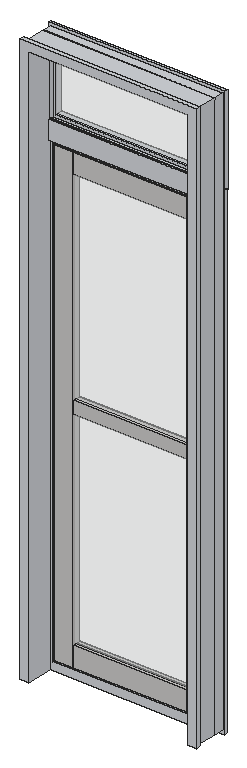
Revit family "APL Residential Thermal Heart Hinged Door with Overlight Open In", category Doors, host Wall, Revit 2017 (continued)
Definition of nested family "APL Residential Thermal Heart Hinged Door with Overlight Open In Vertical Section"
  Definition of nested family "Overlight Detail"
    Definition of nested family "Open In Head&Sill"
      Definition of nested family "65300_Open In Frame"
        Lines and regions (mm)
          model lines, in view "Ref. Level"
            curve 318: line (-2.1, -2.247, 0) -> (-2.1, -5.475, 0)
            curve 319: line (-2.1, -5.475, 0) -> (-2.294, -6.25, 0)
            curve 320: line (-2.1, -6.5, 0) -> (-1.579, -6.5, 0)
            curve 321: line (-1.579, -6.5, 0) -> (-0.169, -5.691, 0)
            curve 322: line (0.395, -5.5, 0) -> (0.645, -5.5, 0)
            curve 323: line (0.845, -5.7, 0) -> (0.845, -13.8, 0)
            curve 324: line (1.045, -14, 0) -> (3.668, -14, 0)
            curve 325: line (3.856, -14.268, 0) -> (3.163, -16.171, 0)
            curve 326: line (2.694, -16.5, 0) -> (2.255, -16.5, 0)
            curve 327: line (1.691, -16.309, 0) -> (0.438, -15.544, 0)
            curve 328: line (0.438, -15.544, 0) -> (-0.24, -15.5, 0)
            curve 329: line (-0.434, -15.75, 0) -> (-0.246, -16.475, 0)
            curve 330: line (-0.246, -16.475, 0) -> (-0.24, -19.753, 0)
            curve 331: line (0.014, -20.5, 0) -> (2.081, -19.957, 0)
            curve 332: line (2.081, -19.957, 0) -> (2.267, -19.648, 0)
            curve 333: line (2.601, -19.559, 0) -> (2.965, -19.922, 0)
            curve 334: line (3.052, -20.108, 0) -> (3.259, -22.474, 0)
            curve 335: line (2.857, -22.782, 0) -> (1.447, -22.268, 0)
            curve 336: line (0.677, -22, 0) -> (0.2, -22, 0)
            curve 337: line (0, -22.2, 0) -> (0, -27.301, 0)
            curve 338: line (-0.41, -28.291, 0) -> (-5.407, -33.287, 0)
            curve 339: line (-5.7, -33.995, 0) -> (-5.7, -39.659, 0)
            curve 340: line (-0.495, -44.3, 0) -> (-0.2, -44.3, 0)
            curve 341: line (0, -44.5, 0) -> (0, -45.3, 0)
            curve 342: line (-0.2, -45.5, 0) -> (-6, -45.5, 0)
            curve 343: line (-7, -44.5, 0) -> (-7, -35.563, 0)
            curve 344: line (-8.072, -33.265, 0) -> (-14.428, -27.931, 0)
            curve 345: line (-14.1, -2.4, 0) -> (-14.1, -25.631, 0)
            curve 346: line (-13.528, -26.859, 0) -> (-7.044, -32.3, 0)
            curve 347: line (-6.369, -32.27, 0) -> (-1.693, -27.594, 0)
            curve 348: line (-1.4, -26.886, 0) -> (-1.4, -22.466, 0)
            curve 349: line (-2.14, -21.5, 0) -> (-2.14, -15, 0)
            curve 350: line (-1.055, -13.806, 0) -> (-1.055, -8.9, 0)
            curve 351: line (-1.555, -8.4, 0) -> (-2.5, -8.4, 0)
            curve 352: line (-4.1, -7.014, 0) -> (-4.1, -1.9, 0)
            curve 353: line (-4.6, -1.4, 0) -> (-13.102, -1.4, 0)
        Text (mm)
          text "65300" at (11.86, 30.704, 0), in view "Ref. Level"
    Definition of nested family "65190_Coupling Bar"
      Reference planes
        plane 1 "Center (Front/Back)": y = 0
        plane 2: z = 0
        plane 3 "Center (Left/Right)": x = 0
      Lines and regions (mm)
        model lines, in view "Ref. Level"
          curve 1: arc (3.069, 38.775, 0) -> (3.048, 39.263, 0) -> (2.622, 39.5, 0) r 0.5
          curve 2: arc (-7.1, 39.5, 0) -> (-7.453, 39.354, 0) -> (-7.6, 39, 0) r 0.5
          curve 3: arc (-7.6, 14.758, 0) -> (-7.453, 14.404, 0) -> (-7.1, 14.258, 0) r 0.5
          curve 4: arc (2.498, 14.258, 0) -> (2.866, 14.419, 0) -> (2.996, 14.8, 0) r 0.5
          curve 5: arc (2.996, 14.8, 0) -> (3.4, 15.493, 0) -> (4.189, 15.352, 0) r 0.7
          curve 6: arc (4.189, 15.352, 0) -> (5.5, 14.808, 0) -> (6.81, 15.352, 0) r 1.85
          curve 7: arc (6.81, 15.352, 0) -> (6.947, 15.459, 0) -> (7.105, 15.528, 0) r 0.7
          curve 8: arc (7.105, 15.528, 0) -> (7.292, 15.632, 0) -> (7.418, 15.804, 0) r 0.5
          curve 9: arc (7.418, 15.804, 0) -> (7.6, 16.658, 0) -> (7.418, 17.512, 0) r 2.1
          curve 10: arc (7.418, 17.512, 0) -> (7.292, 17.684, 0) -> (7.105, 17.787, 0) r 0.5
          curve 11: arc (7.105, 17.787, 0) -> (6.947, 17.857, 0) -> (6.81, 17.964, 0) r 0.7
          curve 12: arc (6.81, 17.964, 0) -> (5.5, 18.508, 0) -> (4.189, 17.964, 0) r 1.85
          curve 13: arc (4.189, 17.964, 0) -> (3.2, 17.962, 0) -> (3.198, 18.952, 0) r 0.7
          curve 14: arc (3.198, 18.952, 0) -> (4.94, 19.859, 0) -> (6.887, 19.597, 0) r 3.25
          curve 15: arc (6.887, 19.597, 0) -> (7.368, 19.627, 0) -> (7.6, 20.049, 0) r 0.5
          curve 16: arc (7.6, 33.269, 0) -> (7.368, 33.691, 0) -> (6.887, 33.721, 0) r 0.5
          curve 17: arc (6.887, 33.721, 0) -> (4.94, 33.459, 0) -> (3.198, 34.366, 0) r 3.25
          curve 18: arc (3.198, 34.366, 0) -> (3.2, 35.356, 0) -> (4.189, 35.355, 0) r 0.7
          curve 19: arc (4.189, 35.355, 0) -> (5.5, 34.81, 0) -> (6.81, 35.355, 0) r 1.85
          curve 20: arc (6.81, 35.355, 0) -> (6.947, 35.461, 0) -> (7.105, 35.531, 0) r 0.7
          curve 21: arc (7.105, 35.531, 0) -> (7.292, 35.635, 0) -> (7.418, 35.807, 0) r 0.5
          curve 22: arc (7.418, 35.807, 0) -> (7.6, 36.66, 0) -> (7.418, 37.514, 0) r 2.1
          curve 23: arc (7.418, 37.514, 0) -> (7.292, 37.686, 0) -> (7.105, 37.79, 0) r 0.5
          curve 24: arc (7.105, 37.79, 0) -> (6.947, 37.86, 0) -> (6.81, 37.966, 0) r 0.7
          curve 25: arc (6.81, 37.966, 0) -> (5.5, 38.51, 0) -> (4.189, 37.966, 0) r 1.85
          curve 26: arc (4.189, 37.966, 0) -> (3.284, 37.893, 0) -> (3.069, 38.775, 0) r 0.7
          curve 27: arc (-3.309, 43.331, 0) -> (-3.479, 43.329, 0) -> (-3.611, 43.435, 0) r 0.25
          curve 28: arc (-3.663, 43.52, 0) -> (-3.679, 43.75, 0) -> (-3.5, 43.895, 0) r 0.25
          curve 29: arc (-3.5, 44.145, 0) -> (-3.441, 44.287, 0) -> (-3.3, 44.345, 0) r 0.2
          curve 30: arc (-2.484, 44.345, 0) -> (-2.272, 44.298, 0) -> (-2.1, 44.165, 0) r 0.5
          curve 31: arc (-0.154, 41.83, 0) -> (0, 41.758, 0) -> (0.154, 41.83, 0) r 0.2
          curve 32: arc (2.1, 44.165, 0) -> (2.272, 44.298, 0) -> (2.484, 44.345, 0) r 0.5
          curve 33: arc (3.3, 44.345, 0) -> (3.441, 44.287, 0) -> (3.5, 44.145, 0) r 0.2
          curve 34: arc (3.5, 43.895, 0) -> (3.679, 43.75, 0) -> (3.663, 43.52, 0) r 0.25
          curve 35: arc (3.611, 43.435, 0) -> (3.479, 43.329, 0) -> (3.309, 43.331, 0) r 0.25
          curve 36: arc (2.544, 42.078, 0) -> (2.511, 42.003, 0) -> (2.5, 41.922, 0) r 0.3
          curve 37: arc (2.5, 41.4, 0) -> (2.577, 41.242, 0) -> (2.75, 41.207, 0) r 0.2
          curve 38: arc (6.753, 41.4, 0) -> (6.875, 41.374, 0) -> (6.976, 41.3, 0) r 0.3
          curve 39: arc (6.976, 41.3, 0) -> (7.307, 41.22, 0) -> (7.5, 41.5, 0) r 0.3
          curve 40: arc (6.957, 43.721, 0) -> (6.905, 43.811, 0) -> (6.815, 43.862, 0) r 0.2
          curve 41: arc (6.648, 43.907, 0) -> (6.507, 44.049, 0) -> (6.558, 44.242, 0) r 0.2
          curve 42: arc (6.922, 44.606, 0) -> (7.008, 44.665, 0) -> (7.108, 44.692, 0) r 0.3
          curve 43: arc (9.474, 44.899, 0) -> (9.738, 44.783, 0) -> (9.782, 44.498, 0) r 0.3
          curve 44: arc (9.268, 43.087, 0) -> (9.181, 42.961, 0) -> (9.043, 42.895, 0) r 0.3
          curve 45: arc (9.043, 42.895, 0) -> (8.801, 42.623, 0) -> (9, 42.318, 0) r 0.3
          curve 46: arc (9, 13.358, 0) -> (8.853, 13.004, 0) -> (8.5, 12.858, 0) r 0.5
          curve 47: arc (1.027, 12.858, 0) -> (0.92, 12.827, 0) -> (0.846, 12.742, 0) r 0.2
          curve 48: arc (0.5, 10.7, 0) -> (0.559, 10.559, 0) -> (0.7, 10.5, 0) r 0.2
          curve 49: arc (6.2, 10.5, 0) -> (6.8, 9.9, 0) -> (6.2, 9.3, 0) r 0.6
          curve 50: arc (1.7, 9.3, 0) -> (1.559, 9.241, 0) -> (1.5, 9.1, 0) r 0.2
          curve 51: arc (1.5, 7.5, 0) -> (1.441, 7.359, 0) -> (1.3, 7.3, 0) r 0.2
          curve 52: arc (1, 7.3, 0) -> (0.859, 7.241, 0) -> (0.8, 7.1, 0) r 0.2
          curve 53: arc (0.8, 3.8, 0) -> (0.859, 3.659, 0) -> (1, 3.6, 0) r 0.2
          curve 54: arc (1.3, 3.6, 0) -> (1.441, 3.541, 0) -> (1.5, 3.4, 0) r 0.2
          curve 55: arc (1.5, 1.8, 0) -> (1.559, 1.659, 0) -> (1.7, 1.6, 0) r 0.2
          curve 56: arc (8.2, 1.6, 0) -> (9, 0.8, 0) -> (8.2, 0, 0) r 0.8
          curve 57: arc (-8.2, 0, 0) -> (-9, 0.8, 0) -> (-8.2, 1.6, 0) r 0.8
          curve 58: arc (-1.7, 1.6, 0) -> (-1.559, 1.659, 0) -> (-1.5, 1.8, 0) r 0.2
          curve 59: arc (-1.5, 3.4, 0) -> (-1.441, 3.541, 0) -> (-1.3, 3.6, 0) r 0.2
          curve 60: arc (-1, 3.6, 0) -> (-0.859, 3.659, 0) -> (-0.8, 3.8, 0) r 0.2
          curve 61: arc (-0.8, 7.1, 0) -> (-0.859, 7.241, 0) -> (-1, 7.3, 0) r 0.2
          curve 62: arc (-1.3, 7.3, 0) -> (-1.441, 7.359, 0) -> (-1.5, 7.5, 0) r 0.2
          curve 63: arc (-1.5, 9.1, 0) -> (-1.559, 9.241, 0) -> (-1.7, 9.3, 0) r 0.2
          curve 64: arc (-6.2, 9.3, 0) -> (-6.8, 9.9, 0) -> (-6.2, 10.5, 0) r 0.6
          curve 65: arc (-0.7, 10.5, 0) -> (-0.559, 10.559, 0) -> (-0.5, 10.7, 0) r 0.2
          curve 66: arc (-0.846, 12.742, 0) -> (-0.92, 12.827, 0) -> (-1.027, 12.858, 0) r 0.2
          curve 67: arc (-8.5, 12.858, 0) -> (-8.853, 13.004, 0) -> (-9, 13.358, 0) r 0.5
          curve 68: arc (-9, 42.318, 0) -> (-8.801, 42.623, 0) -> (-9.043, 42.895, 0) r 0.3
          curve 69: arc (-9.043, 42.895, 0) -> (-9.181, 42.961, 0) -> (-9.268, 43.087, 0) r 0.3
          curve 70: arc (-9.782, 44.498, 0) -> (-9.738, 44.783, 0) -> (-9.474, 44.899, 0) r 0.3
          curve 71: arc (-7.108, 44.692, 0) -> (-7.008, 44.665, 0) -> (-6.922, 44.606, 0) r 0.3
          curve 72: arc (-6.558, 44.242, 0) -> (-6.507, 44.049, 0) -> (-6.648, 43.907, 0) r 0.2
          curve 73: arc (-6.815, 43.862, 0) -> (-6.905, 43.811, 0) -> (-6.957, 43.721, 0) r 0.2
          curve 74: arc (-7.5, 41.5, 0) -> (-7.307, 41.22, 0) -> (-6.976, 41.3, 0) r 0.3
          curve 75: arc (-6.976, 41.3, 0) -> (-6.875, 41.374, 0) -> (-6.753, 41.4, 0) r 0.3
          curve 76: arc (-2.75, 41.207, 0) -> (-2.577, 41.242, 0) -> (-2.5, 41.4, 0) r 0.2
          curve 77: arc (-2.5, 41.922, 0) -> (-2.511, 42.003, 0) -> (-2.544, 42.078, 0) r 0.3
          curve 78: line (2.622, 39.5, 0) -> (-7.1, 39.5, 0)
          curve 79: line (-7.6, 39, 0) -> (-7.6, 14.758, 0)
          curve 80: line (-7.1, 14.258, 0) -> (2.498, 14.258, 0)
          curve 81: line (7.6, 20.049, 0) -> (7.6, 33.269, 0)
          curve 82: line (-3.5, 43.895, 0) -> (-3.5, 44.145, 0)
          curve 83: line (-3.3, 44.345, 0) -> (-2.484, 44.345, 0)
          curve 84: line (-2.1, 44.165, 0) -> (-0.154, 41.83, 0)
          curve 85: line (0.154, 41.83, 0) -> (2.1, 44.165, 0)
          curve 86: line (2.484, 44.345, 0) -> (3.3, 44.345, 0)
          curve 87: line (3.5, 44.145, 0) -> (3.5, 43.895, 0)
          curve 88: line (3.309, 43.331, 0) -> (2.544, 42.078, 0)
          curve 89: line (2.544, 42.078, 0) -> (2.5, 41.4, 0)
          curve 90: line (2.75, 41.207, 0) -> (3.5, 41.4, 0)
          curve 91: line (3.475, 41.394, 0) -> (6.753, 41.4, 0)
          curve 92: line (7.5, 41.655, 0) -> (6.957, 43.721, 0)
          curve 93: line (6.957, 43.721, 0) -> (6.648, 43.907, 0)
          curve 94: line (6.558, 44.242, 0) -> (6.922, 44.606, 0)
          curve 95: line (7.108, 44.692, 0) -> (9.474, 44.899, 0)
          curve 96: line (9.782, 44.498, 0) -> (9.268, 43.087, 0)
          curve 97: line (9, 42.318, 0) -> (9, 13.358, 0)
          curve 98: line (8.5, 12.858, 0) -> (1.027, 12.858, 0)
          curve 99: line (0.846, 12.742, 0) -> (0.519, 12.04, 0)
          curve 100: line (0.519, 12.04, 0) -> (0.5, 10.7, 0)
          curve 101: line (0.7, 10.5, 0) -> (6.2, 10.5, 0)
          curve 102: line (6.2, 9.3, 0) -> (1.7, 9.3, 0)
          curve 103: line (1.5, 9.1, 0) -> (1.5, 7.5, 0)
          curve 104: line (1.3, 7.3, 0) -> (1, 7.3, 0)
          curve 105: line (0.8, 7.1, 0) -> (0.8, 3.8, 0)
          curve 106: line (1, 3.6, 0) -> (1.3, 3.6, 0)
          curve 107: line (1.5, 3.4, 0) -> (1.5, 1.8, 0)
          curve 108: line (1.7, 1.6, 0) -> (8.2, 1.6, 0)
          curve 109: line (8.2, 0, 0) -> (-8.2, 0, 0)
          curve 110: line (-8.2, 1.6, 0) -> (-1.7, 1.6, 0)
          curve 111: line (-1.5, 1.8, 0) -> (-1.5, 3.4, 0)
          curve 112: line (-1.3, 3.6, 0) -> (-1, 3.6, 0)
          curve 113: line (-0.8, 3.8, 0) -> (-0.8, 7.1, 0)
          curve 114: line (-1, 7.3, 0) -> (-1.3, 7.3, 0)
          curve 115: line (-1.5, 7.5, 0) -> (-1.5, 9.1, 0)
          curve 116: line (-1.7, 9.3, 0) -> (-6.2, 9.3, 0)
          curve 117: line (-6.2, 10.5, 0) -> (-0.7, 10.5, 0)
          curve 118: line (-0.5, 10.7, 0) -> (-0.5, 11.956, 0)
          curve 119: line (-0.5, 11.956, 0) -> (-0.846, 12.742, 0)
          curve 120: line (-1.027, 12.858, 0) -> (-8.5, 12.858, 0)
          curve 121: line (-9, 13.358, 0) -> (-9, 16.258, 0)
          curve 122: line (-9, 16.258, 0) -> (-8.6, 16.658, 0)
          curve 123: line (-8.6, 16.658, 0) -> (-9, 17.058, 0)
          curve 124: line (-9, 17.058, 0) -> (-9, 36.26, 0)
          curve 125: line (-9, 36.26, 0) -> (-8.6, 36.66, 0)
          curve 126: line (-8.6, 36.66, 0) -> (-9, 37.06, 0)
          curve 127: line (-9, 37.06, 0) -> (-9, 42.318, 0)
          curve 128: line (-9.268, 43.087, 0) -> (-9.782, 44.498, 0)
          curve 129: line (-9.474, 44.899, 0) -> (-7.108, 44.692, 0)
          curve 130: line (-6.922, 44.606, 0) -> (-6.558, 44.242, 0)
          curve 131: line (-6.648, 43.907, 0) -> (-6.815, 43.862, 0)
          curve 132: line (-6.815, 43.862, 0) -> (-7.49, 41.732, 0)
          curve 133: line (-7.49, 41.732, 0) -> (-7.5, 41.5, 0)
          curve 134: line (-6.753, 41.4, 0) -> (-3.525, 41.4, 0)
          curve 135: line (-3.525, 41.4, 0) -> (-2.75, 41.207, 0)
          curve 136: line (-2.5, 41.4, 0) -> (-2.5, 41.922, 0)
          curve 137: line (-2.5, 41.922, 0) -> (-3.309, 43.331, 0)
          curve 138: arc (-3.4, 41.4, 0) -> (-3.117, 41.518, 0) -> (-3, 41.8, 0) r 0.4
          curve 139: arc (-3, 42.093, 0) -> (-3.014, 42.197, 0) -> (-3.054, 42.293, 0) r 0.4
          curve 140: arc (-3.938, 43.821, 0) -> (-4.059, 44.111, 0) -> (-4.1, 44.423, 0) r 1.2
          curve 141: arc (-4.1, 45.345, 0) -> (-4.281, 45.919, 0) -> (-4.758, 46.285, 0) r 1
          curve 142: arc (-6.937, 47.078, 0) -> (-7.128, 47.224, 0) -> (-7.2, 47.454, 0) r 0.4
          curve 143: arc (-7.2, 50.147, 0) -> (-7.128, 50.377, 0) -> (-6.937, 50.523, 0) r 0.4
          curve 144: arc (-4.758, 51.316, 0) -> (-4.281, 51.682, 0) -> (-4.1, 52.256, 0) r 1
          curve 145: arc (-4.1, 53.178, 0) -> (-4.059, 53.489, 0) -> (-3.938, 53.779, 0) r 1.2
          curve 146: arc (-3.054, 55.307, 0) -> (-3.014, 55.404, 0) -> (-3, 55.508, 0) r 0.4
          curve 147: arc (-3, 55.8, 0) -> (-3.117, 56.083, 0) -> (-3.4, 56.2, 0) r 0.4
          curve 148: arc (-6.8, 56.2, 0) -> (-7.083, 56.083, 0) -> (-7.2, 55.8, 0) r 0.4
          curve 149: arc (-7.2, 55.508, 0) -> (-7.186, 55.404, 0) -> (-7.146, 55.307, 0) r 0.4
          curve 150: arc (-6.261, 53.779, 0) -> (-6.14, 53.485, 0) -> (-6.1, 53.17, 0) r 1.2
          curve 151: arc (-6.1, 53.17, 0) -> (-6.153, 52.996, 0) -> (-6.297, 52.884, 0) r 0.3
          curve 152: arc (-8.737, 51.996, 0) -> (-8.928, 51.85, 0) -> (-9, 51.62, 0) r 0.4
          curve 153: arc (-9, 45.98, 0) -> (-8.928, 45.751, 0) -> (-8.737, 45.605, 0) r 0.4
          curve 154: arc (-6.297, 44.717, 0) -> (-6.153, 44.605, 0) -> (-6.1, 44.431, 0) r 0.3
          curve 155: arc (-6.1, 44.431, 0) -> (-6.14, 44.115, 0) -> (-6.261, 43.821, 0) r 1.2
          curve 156: arc (-7.146, 42.293, 0) -> (-7.186, 42.197, 0) -> (-7.2, 42.093, 0) r 0.4
          curve 157: arc (-7.2, 41.8, 0) -> (-7.083, 41.518, 0) -> (-6.8, 41.4, 0) r 0.4
          curve 158: line (-3, 41.8, 0) -> (-3, 42.093, 0)
          curve 159: line (-3.054, 42.293, 0) -> (-3.938, 43.821, 0)
          curve 160: line (-4.1, 44.423, 0) -> (-4.1, 45.345, 0)
          curve 161: line (-4.758, 46.285, 0) -> (-6.937, 47.078, 0)
          curve 162: line (-7.2, 47.454, 0) -> (-7.2, 50.147, 0)
          curve 163: line (-6.937, 50.523, 0) -> (-4.758, 51.316, 0)
          curve 164: line (-4.1, 52.256, 0) -> (-4.1, 53.178, 0)
          curve 165: line (-3.938, 53.779, 0) -> (-3.054, 55.307, 0)
          curve 166: line (-3, 55.508, 0) -> (-3, 55.8, 0)
          curve 167: line (-3.4, 56.2, 0) -> (-6.8, 56.2, 0)
          curve 168: line (-7.2, 55.8, 0) -> (-7.2, 55.508, 0)
          curve 169: line (-7.146, 55.307, 0) -> (-6.261, 53.779, 0)
          curve 170: line (-6.297, 52.884, 0) -> (-8.737, 51.996, 0)
          curve 171: line (-9, 51.62, 0) -> (-9, 45.98, 0)
          curve 172: line (-8.737, 45.605, 0) -> (-6.297, 44.717, 0)
          curve 173: line (-6.261, 43.821, 0) -> (-7.146, 42.293, 0)
          curve 174: line (-7.2, 42.093, 0) -> (-7.2, 41.8, 0)
          curve 175: line (-6.8, 41.4, 0) -> (-3.4, 41.4, 0)
          curve 176: arc (-19.6, 66.4, 0) -> (-19.953, 66.253, 0) -> (-20.1, 65.9, 0) r 0.5
          curve 177: arc (-20.1, 58.6, 0) -> (-19.953, 58.247, 0) -> (-19.6, 58.1, 0) r 0.5
          curve 178: arc (19.6, 58.1, 0) -> (19.953, 58.247, 0) -> (20.1, 58.6, 0) r 0.5
          curve 179: arc (20.1, 65.898, 0) -> (19.954, 66.253, 0) -> (19.6, 66.4, 0) r 0.5
          curve 180: arc (6.957, 53.88, 0) -> (6.905, 53.79, 0) -> (6.815, 53.738, 0) r 0.2
          curve 181: arc (6.648, 53.694, 0) -> (6.507, 53.552, 0) -> (6.558, 53.359, 0) r 0.2
          curve 182: arc (6.922, 52.995, 0) -> (7.008, 52.935, 0) -> (7.108, 52.908, 0) r 0.3
          curve 183: arc (9.474, 52.702, 0) -> (9.738, 52.818, 0) -> (9.782, 53.103, 0) r 0.3
          curve 184: arc (9.268, 54.514, 0) -> (9.181, 54.64, 0) -> (9.043, 54.706, 0) r 0.3
          curve 185: arc (9.043, 54.706, 0) -> (8.801, 54.978, 0) -> (9, 55.283, 0) r 0.3
          curve 186: arc (9, 56.6, 0) -> (9.058, 56.742, 0) -> (9.2, 56.8, 0) r 0.2
          curve 187: arc (21, 56.8, 0) -> (21.353, 56.947, 0) -> (21.5, 57.3, 0) r 0.5
          curve 188: arc (21.5, 65.9, 0) -> (21.646, 66.253, 0) -> (22, 66.4, 0) r 0.5
          curve 189: arc (41.15, 66.4, 0) -> (41.857, 66.107, 0) -> (42.15, 65.4, 0) r 1
          curve 190: arc (42.15, 60.631, 0) -> (42.09, 60.394, 0) -> (41.924, 60.213, 0) r 0.5
          curve 191: arc (41.924, 60.213, 0) -> (41.246, 59.474, 0) -> (41, 58.5, 0) r 2.05
          curve 192: arc (41, 56.5, 0) -> (41.7, 55.8, 0) -> (42.4, 56.5, 0) r 0.7
          curve 193: arc (42.4, 58.5, 0) -> (42.68, 59.035, 0) -> (43.279, 59.108, 0) r 0.65
          curve 194: arc (43.279, 59.108, 0) -> (43.464, 59.131, 0) -> (43.55, 59.295, 0) r 0.2
          curve 195: arc (43.55, 67.5, 0) -> (43.403, 67.853, 0) -> (43.05, 68, 0) r 0.5
          curve 196: arc (-43.05, 68, 0) -> (-43.403, 67.853, 0) -> (-43.55, 67.5, 0) r 0.5
          curve 197: arc (-43.55, 59.295, 0) -> (-43.464, 59.131, 0) -> (-43.279, 59.108, 0) r 0.2
          curve 198: arc (-43.279, 59.108, 0) -> (-42.68, 59.035, 0) -> (-42.4, 58.5, 0) r 0.65
          curve 199: arc (-42.4, 56.5, 0) -> (-41.7, 55.8, 0) -> (-41, 56.5, 0) r 0.7
          curve 200: arc (-41, 58.5, 0) -> (-41.246, 59.474, 0) -> (-41.924, 60.213, 0) r 2.05
          curve 201: arc (-41.924, 60.213, 0) -> (-42.09, 60.394, 0) -> (-42.15, 60.631, 0) r 0.5
          curve 202: arc (-42.15, 65.4, 0) -> (-41.857, 66.107, 0) -> (-41.15, 66.4, 0) r 1
          curve 203: arc (-22, 66.4, 0) -> (-21.646, 66.253, 0) -> (-21.5, 65.9, 0) r 0.5
          curve 204: arc (-21.5, 57.3, 0) -> (-21.353, 56.947, 0) -> (-21, 56.8, 0) r 0.5
          curve 205: arc (-9.2, 56.8, 0) -> (-9.058, 56.742, 0) -> (-9, 56.6, 0) r 0.2
          curve 206: arc (-9, 55.283, 0) -> (-8.801, 54.978, 0) -> (-9.043, 54.706, 0) r 0.3
          curve 207: arc (-9.043, 54.706, 0) -> (-9.181, 54.64, 0) -> (-9.268, 54.514, 0) r 0.3
          curve 208: arc (-9.782, 53.103, 0) -> (-9.738, 52.818, 0) -> (-9.474, 52.702, 0) r 0.3
          curve 209: arc (-7.108, 52.908, 0) -> (-7.008, 52.935, 0) -> (-6.922, 52.995, 0) r 0.3
          curve 210: arc (-6.558, 53.359, 0) -> (-6.507, 53.552, 0) -> (-6.648, 53.694, 0) r 0.2
          curve 211: arc (-6.815, 53.738, 0) -> (-6.905, 53.79, 0) -> (-6.957, 53.88, 0) r 0.2
          curve 212: arc (-7.5, 56.1, 0) -> (-7.307, 56.381, 0) -> (-6.976, 56.3, 0) r 0.3
          curve 213: arc (-6.976, 56.3, 0) -> (-6.875, 56.227, 0) -> (-6.753, 56.2, 0) r 0.3
          curve 214: arc (-2.75, 56.394, 0) -> (-2.577, 56.359, 0) -> (-2.5, 56.2, 0) r 0.2
          curve 215: arc (-2.5, 55.679, 0) -> (-2.511, 55.598, 0) -> (-2.544, 55.523, 0) r 0.3
          curve 216: arc (-3.309, 54.269, 0) -> (-3.479, 54.272, 0) -> (-3.611, 54.166, 0) r 0.25
          curve 217: arc (-3.663, 54.081, 0) -> (-3.679, 53.851, 0) -> (-3.5, 53.705, 0) r 0.25
          curve 218: arc (-3.5, 53.455, 0) -> (-3.441, 53.314, 0) -> (-3.3, 53.255, 0) r 0.2
          curve 219: arc (-2.484, 53.255, 0) -> (-2.272, 53.303, 0) -> (-2.1, 53.435, 0) r 0.5
          curve 220: arc (-0.154, 55.771, 0) -> (0, 55.843, 0) -> (0.154, 55.771, 0) r 0.2
          curve 221: arc (2.1, 53.435, 0) -> (2.272, 53.303, 0) -> (2.484, 53.255, 0) r 0.5
          curve 222: arc (3.3, 53.255, 0) -> (3.441, 53.314, 0) -> (3.5, 53.455, 0) r 0.2
          curve 223: arc (3.5, 53.705, 0) -> (3.679, 53.851, 0) -> (3.663, 54.081, 0) r 0.25
          curve 224: arc (3.611, 54.166, 0) -> (3.479, 54.272, 0) -> (3.309, 54.269, 0) r 0.25
          curve 225: arc (2.544, 55.523, 0) -> (2.511, 55.598, 0) -> (2.5, 55.679, 0) r 0.3
          curve 226: arc (2.5, 56.2, 0) -> (2.577, 56.359, 0) -> (2.75, 56.394, 0) r 0.2
          curve 227: line (19.6, 66.4, 0) -> (-19.6, 66.4, 0)
          curve 228: line (-20.1, 65.9, 0) -> (-20.1, 58.6, 0)
          curve 229: line (-19.6, 58.1, 0) -> (19.6, 58.1, 0)
          curve 230: line (20.1, 58.6, 0) -> (20.1, 65.898, 0)
          curve 231: line (7.5, 55.946, 0) -> (6.957, 53.88, 0)
          curve 232: line (6.957, 53.88, 0) -> (6.648, 53.694, 0)
          curve 233: line (6.558, 53.359, 0) -> (6.922, 52.995, 0)
          curve 234: line (7.108, 52.908, 0) -> (9.474, 52.702, 0)
          curve 235: line (9.782, 53.103, 0) -> (9.268, 54.514, 0)
          curve 236: line (9, 55.283, 0) -> (9, 56.6, 0)
          curve 237: line (9.2, 56.8, 0) -> (21, 56.8, 0)
          curve 238: line (21.5, 57.3, 0) -> (21.5, 65.9, 0)
          curve 239: line (22, 66.4, 0) -> (41.15, 66.4, 0)
          curve 240: line (42.15, 65.4, 0) -> (42.15, 60.631, 0)
          curve 241: line (41, 58.5, 0) -> (41, 56.5, 0)
          curve 242: line (42.4, 56.5, 0) -> (42.4, 58.5, 0)
          curve 243: line (43.55, 59.295, 0) -> (43.55, 67.5, 0)
          curve 244: line (43.05, 68, 0) -> (-43.05, 68, 0)
          curve 245: line (-43.55, 67.5, 0) -> (-43.55, 59.295, 0)
          curve 246: line (-42.4, 58.5, 0) -> (-42.4, 56.5, 0)
          curve 247: line (-41, 56.5, 0) -> (-41, 58.5, 0)
          curve 248: line (-42.15, 60.631, 0) -> (-42.15, 65.4, 0)
          curve 249: line (-41.15, 66.4, 0) -> (-22, 66.4, 0)
          curve 250: line (-21.5, 65.9, 0) -> (-21.5, 57.3, 0)
          curve 251: line (-21, 56.8, 0) -> (-9.2, 56.8, 0)
          curve 252: line (-9, 56.6, 0) -> (-9, 55.283, 0)
          curve 253: line (-9.268, 54.514, 0) -> (-9.782, 53.103, 0)
          curve 254: line (-9.474, 52.702, 0) -> (-7.108, 52.908, 0)
          curve 255: line (-6.922, 52.995, 0) -> (-6.558, 53.359, 0)
          curve 256: line (-6.648, 53.694, 0) -> (-6.815, 53.738, 0)
          curve 257: line (-6.815, 53.738, 0) -> (-7.49, 55.868, 0)
          curve 258: line (-7.49, 55.868, 0) -> (-7.5, 56.1, 0)
          curve 259: line (-6.753, 56.2, 0) -> (-3.525, 56.2, 0)
          curve 260: line (-3.525, 56.2, 0) -> (-2.75, 56.394, 0)
          curve 261: line (-2.5, 56.2, 0) -> (-2.5, 55.679, 0)
          curve 262: line (-2.5, 55.679, 0) -> (-3.309, 54.269, 0)
          curve 263: line (-3.5, 53.705, 0) -> (-3.5, 53.455, 0)
          curve 264: line (-3.3, 53.255, 0) -> (-2.484, 53.255, 0)
          curve 265: line (-2.1, 53.435, 0) -> (-0.154, 55.771, 0)
          curve 266: line (0.154, 55.771, 0) -> (2.1, 53.435, 0)
          curve 267: line (2.484, 53.255, 0) -> (3.3, 53.255, 0)
          curve 268: line (3.5, 53.455, 0) -> (3.5, 53.705, 0)
          curve 269: line (3.309, 54.269, 0) -> (2.544, 55.523, 0)
          curve 270: line (2.544, 55.523, 0) -> (2.5, 56.2, 0)
          curve 271: line (2.75, 56.394, 0) -> (3.5, 56.2, 0)
          curve 272: line (3.475, 56.207, 0) -> (6.753, 56.2, 0)
          curve 273: arc (6.753, 56.2, 0) -> (6.875, 56.227, 0) -> (6.976, 56.3, 0) r 0.3
          curve 274: arc (6.976, 56.3, 0) -> (7.307, 56.381, 0) -> (7.5, 56.1, 0) r 0.3
          curve 275: arc (3.4, 41.4, 0) -> (3.117, 41.518, 0) -> (3, 41.8, 0) r 0.4
          curve 276: arc (3, 42.093, 0) -> (3.014, 42.197, 0) -> (3.054, 42.293, 0) r 0.4
          curve 277: arc (3.938, 43.821, 0) -> (4.059, 44.111, 0) -> (4.1, 44.423, 0) r 1.2
          curve 278: arc (4.1, 45.345, 0) -> (4.281, 45.919, 0) -> (4.758, 46.285, 0) r 1
          curve 279: arc (6.937, 47.078, 0) -> (7.128, 47.224, 0) -> (7.2, 47.454, 0) r 0.4
          curve 280: arc (7.2, 50.147, 0) -> (7.128, 50.377, 0) -> (6.937, 50.523, 0) r 0.4
          curve 281: arc (4.758, 51.316, 0) -> (4.281, 51.682, 0) -> (4.1, 52.256, 0) r 1
          curve 282: arc (4.1, 53.178, 0) -> (4.059, 53.489, 0) -> (3.938, 53.779, 0) r 1.2
          curve 283: arc (3.054, 55.307, 0) -> (3.014, 55.404, 0) -> (3, 55.508, 0) r 0.4
          curve 284: arc (3, 55.8, 0) -> (3.117, 56.083, 0) -> (3.4, 56.2, 0) r 0.4
          curve 285: arc (6.8, 56.2, 0) -> (7.083, 56.083, 0) -> (7.2, 55.8, 0) r 0.4
          curve 286: arc (7.2, 55.508, 0) -> (7.186, 55.404, 0) -> (7.146, 55.307, 0) r 0.4
          curve 287: arc (6.261, 53.779, 0) -> (6.14, 53.485, 0) -> (6.1, 53.17, 0) r 1.2
          curve 288: arc (6.1, 53.17, 0) -> (6.153, 52.996, 0) -> (6.297, 52.884, 0) r 0.3
          curve 289: arc (8.737, 51.996, 0) -> (8.928, 51.85, 0) -> (9, 51.62, 0) r 0.4
          curve 290: arc (9, 45.98, 0) -> (8.928, 45.751, 0) -> (8.737, 45.605, 0) r 0.4
          curve 291: arc (6.297, 44.717, 0) -> (6.153, 44.605, 0) -> (6.1, 44.431, 0) r 0.3
          curve 292: arc (6.1, 44.431, 0) -> (6.14, 44.115, 0) -> (6.261, 43.821, 0) r 1.2
          curve 293: arc (7.146, 42.293, 0) -> (7.186, 42.197, 0) -> (7.2, 42.093, 0) r 0.4
          curve 294: arc (7.2, 41.8, 0) -> (7.083, 41.518, 0) -> (6.8, 41.4, 0) r 0.4
          curve 295: line (3, 41.8, 0) -> (3, 42.093, 0)
          curve 296: line (3.054, 42.293, 0) -> (3.938, 43.821, 0)
          curve 297: line (4.1, 44.423, 0) -> (4.1, 45.345, 0)
          curve 298: line (4.758, 46.285, 0) -> (6.937, 47.078, 0)
          curve 299: line (7.2, 47.454, 0) -> (7.2, 50.147, 0)
          curve 300: line (6.937, 50.523, 0) -> (4.758, 51.316, 0)
          curve 301: line (4.1, 52.256, 0) -> (4.1, 53.178, 0)
          curve 302: line (3.938, 53.779, 0) -> (3.054, 55.307, 0)
          curve 303: line (3, 55.508, 0) -> (3, 55.8, 0)
          curve 304: line (3.4, 56.2, 0) -> (6.8, 56.2, 0)
          curve 305: line (7.2, 55.8, 0) -> (7.2, 55.508, 0)
          curve 306: line (7.146, 55.307, 0) -> (6.261, 53.779, 0)
          curve 307: line (6.297, 52.884, 0) -> (8.737, 51.996, 0)
          curve 308: line (9, 51.62, 0) -> (9, 45.98, 0)
          curve 309: line (8.737, 45.605, 0) -> (6.297, 44.717, 0)
          curve 310: line (6.261, 43.821, 0) -> (7.146, 42.293, 0)
          curve 311: line (7.2, 42.093, 0) -> (7.2, 41.8, 0)
          curve 312: line (6.8, 41.4, 0) -> (3.4, 41.4, 0)
      Text (mm)
        text "05190" at (19.368, 96.122, 0), in view "Ref. Level"
    Definition of nested family "65180_Sidelight Frame"
      Reference planes
        plane 1 "Center (Front/Back)": y = 0
        plane 2: z = 0
        plane 3 "Center (Left/Right)": x = 0
      Lines and regions (mm)
        model lines, in view "Ref. Level"
          curve 1: arc (13.922, -26.595, 0) -> (14.008, -26.535, 0) -> (14.108, -26.508, 0) r 0.3
          curve 2: arc (16.474, -26.301, 0) -> (16.738, -26.417, 0) -> (16.782, -26.703, 0) r 0.3
          curve 3: arc (16.268, -28.113, 0) -> (16.181, -28.239, 0) -> (16.043, -28.305, 0) r 0.3
          curve 4: arc (16.043, -28.305, 0) -> (15.801, -28.578, 0) -> (16, -28.883, 0) r 0.3
          curve 5: arc (16, -33, 0) -> (15.941, -33.141, 0) -> (15.8, -33.2, 0) r 0.2
          curve 6: arc (15.5, -33.2, 0) -> (15.2, -33.12, 0) -> (14.98, -32.9, 0) r 0.6
          curve 7: arc (14.345, -31.8, 0) -> (14.272, -31.727, 0) -> (14.172, -31.7, 0) r 0.2
          curve 8: arc (-2.699, -31.7, 0) -> (-3.407, -31.993, 0) -> (-3.7, -32.7, 0) r 1
          curve 9: arc (-3.7, -34.764, 0) -> (-3.662, -34.956, 0) -> (-3.554, -35.118, 0) r 0.5
          curve 10: arc (1.791, -40.463, 0) -> (2.1, -40.673, 0) -> (2.463, -40.755, 0) r 1
          curve 11: arc (14.935, -41.178, 0) -> (15.052, -41.143, 0) -> (15.127, -41.047, 0) r 0.2
          curve 12: arc (15.127, -41.047, 0) -> (15.234, -40.879, 0) -> (15.403, -40.775, 0) r 0.45
          curve 13: arc (15.403, -40.775, 0) -> (15.522, -40.771, 0) -> (15.621, -40.835, 0) r 0.2
          curve 14: arc (16, -42.3, 0) -> (15.941, -42.441, 0) -> (15.8, -42.5, 0) r 0.2
          curve 15: arc (2.243, -42.5, 0) -> (1.095, -42.272, 0) -> (0.121, -41.621, 0) r 3
          curve 16: arc (-4.121, -37.379, 0) -> (-5.095, -36.728, 0) -> (-6.243, -36.5, 0) r 3
          curve 17: arc (-19, -36.5, 0) -> (-19.707, -36.207, 0) -> (-20, -35.5, 0) r 1
          curve 18: arc (-20, -29.708, 0) -> (-19.944, -29.561, 0) -> (-19.8, -29.5, 0) r 0.2
          curve 19: arc (-19, -29.5, 0) -> (-18.859, -29.559, 0) -> (-18.8, -29.7, 0) r 0.2
          curve 20: arc (-18.8, -29.995, 0) -> (-18.547, -30.43, 0) -> (-18.044, -30.424, 0) r 0.5
          curve 21: arc (-18.044, -30.424, 0) -> (-16.297, -30.007, 0) -> (-14.624, -30.663, 0) r 3
          curve 22: arc (-14.624, -30.663, 0) -> (-14.512, -31.7, 0) -> (-15.549, -31.812, 0) r 0.737
          curve 23: arc (-15.549, -31.812, 0) -> (-16.505, -31.475, 0) -> (-17.461, -31.812, 0) r 1.525
          curve 24: arc (-17.461, -31.812, 0) -> (-17.612, -31.906, 0) -> (-17.78, -31.961, 0) r 0.737
          curve 25: arc (-17.78, -31.961, 0) -> (-17.992, -32.058, 0) -> (-18.137, -32.24, 0) r 0.5
          curve 26: arc (-18.137, -32.24, 0) -> (-18.305, -33, 0) -> (-18.136, -33.76, 0) r 1.8
          curve 27: arc (-18.136, -33.76, 0) -> (-17.992, -33.942, 0) -> (-17.781, -34.039, 0) r 0.5
          curve 28: arc (-17.781, -34.039, 0) -> (-17.613, -34.094, 0) -> (-17.462, -34.187, 0) r 0.75
          curve 29: arc (-17.462, -34.187, 0) -> (-16.505, -34.525, 0) -> (-15.548, -34.187, 0) r 1.525
          curve 30: arc (-15.548, -34.187, 0) -> (-14.677, -34.143, 0) -> (-14.353, -34.952, 0) r 0.75
          curve 31: arc (-14.353, -34.952, 0) -> (-14.316, -35.123, 0) -> (-14.159, -35.2, 0) r 0.2
          curve 32: arc (-6.7, -35.2, 0) -> (-6.346, -35.053, 0) -> (-6.2, -34.7, 0) r 0.5
          curve 33: arc (-6.2, -32.7, 0) -> (-5.175, -30.225, 0) -> (-2.7, -29.2, 0) r 3.5
          curve 34: arc (-0.2, -29.2, 0) -> (-0.059, -29.141, 0) -> (0, -29, 0) r 0.2
          curve 35: arc (0, -28.883, 0) -> (0.199, -28.578, 0) -> (-0.043, -28.305, 0) r 0.3
          curve 36: arc (-0.043, -28.305, 0) -> (-0.181, -28.239, 0) -> (-0.268, -28.113, 0) r 0.3
          curve 37: arc (-0.782, -26.703, 0) -> (-0.738, -26.417, 0) -> (-0.474, -26.301, 0) r 0.3
          curve 38: arc (1.892, -26.508, 0) -> (1.992, -26.535, 0) -> (2.078, -26.595, 0) r 0.3
          curve 39: arc (2.441, -26.959, 0) -> (2.493, -27.152, 0) -> (2.352, -27.293, 0) r 0.2
          curve 40: arc (2.184, -27.338, 0) -> (2.095, -27.39, 0) -> (2.043, -27.479, 0) r 0.2
          curve 41: arc (1.5, -29.7, 0) -> (1.693, -29.98, 0) -> (2.024, -29.9, 0) r 0.3
          curve 42: arc (2.024, -29.9, 0) -> (2.125, -29.826, 0) -> (2.247, -29.8, 0) r 0.3
          curve 43: arc (6.25, -29.994, 0) -> (6.422, -29.958, 0) -> (6.5, -29.8, 0) r 0.2
          curve 44: arc (6.5, -29.279, 0) -> (6.489, -29.198, 0) -> (6.456, -29.123, 0) r 0.3
          curve 45: arc (5.691, -27.869, 0) -> (5.521, -27.872, 0) -> (5.389, -27.766, 0) r 0.25
          curve 46: arc (5.337, -27.68, 0) -> (5.332, -27.428, 0) -> (5.55, -27.3, 0) r 0.25
          curve 47: arc (7.125, -27.3, 0) -> (7.522, -27.382, 0) -> (7.854, -27.615, 0) r 1
          curve 48: arc (7.854, -27.615, 0) -> (8, -27.678, 0) -> (8.146, -27.615, 0) r 0.2
          curve 49: arc (8.146, -27.615, 0) -> (8.477, -27.382, 0) -> (8.874, -27.3, 0) r 1
          curve 50: arc (10.45, -27.3, 0) -> (10.668, -27.427, 0) -> (10.663, -27.68, 0) r 0.25
          curve 51: arc (10.611, -27.766, 0) -> (10.479, -27.872, 0) -> (10.309, -27.869, 0) r 0.25
          curve 52: arc (9.544, -29.123, 0) -> (9.511, -29.198, 0) -> (9.5, -29.279, 0) r 0.3
          curve 53: arc (9.5, -29.8, 0) -> (9.578, -29.958, 0) -> (9.75, -29.994, 0) r 0.2
          curve 54: arc (13.753, -29.8, 0) -> (13.875, -29.826, 0) -> (13.976, -29.9, 0) r 0.3
          curve 55: arc (13.976, -29.9, 0) -> (14.307, -29.98, 0) -> (14.5, -29.7, 0) r 0.3
          curve 56: arc (13.957, -27.479, 0) -> (13.905, -27.39, 0) -> (13.816, -27.338, 0) r 0.2
          curve 57: arc (13.648, -27.293, 0) -> (13.507, -27.152, 0) -> (13.559, -26.959, 0) r 0.2
          curve 58: line (14.108, -26.508, 0) -> (16.474, -26.301, 0)
          curve 59: line (16.782, -26.703, 0) -> (16.268, -28.113, 0)
          curve 60: line (16, -28.883, 0) -> (16, -33, 0)
          curve 61: line (15.8, -33.2, 0) -> (15.5, -33.2, 0)
          curve 62: line (14.98, -32.9, 0) -> (14.345, -31.8, 0)
          curve 63: line (14.172, -31.7, 0) -> (-2.699, -31.7, 0)
          curve 64: line (-3.7, -32.7, 0) -> (-3.7, -34.764, 0)
          curve 65: line (-3.554, -35.118, 0) -> (1.791, -40.463, 0)
          curve 66: line (2.463, -40.755, 0) -> (14, -41.158, 0)
          curve 67: line (14, -41.158, 0) -> (14.935, -41.178, 0)
          curve 68: line (15.621, -40.835, 0) -> (15.953, -41.231, 0)
          curve 69: line (15.953, -41.231, 0) -> (16, -42.3, 0)
          curve 70: line (15.8, -42.5, 0) -> (2.243, -42.5, 0)
          curve 71: line (0.121, -41.621, 0) -> (-4.121, -37.379, 0)
          curve 72: line (-6.243, -36.5, 0) -> (-19, -36.5, 0)
          curve 73: line (-20, -35.5, 0) -> (-20, -29.708, 0)
          curve 74: line (-19.8, -29.5, 0) -> (-19, -29.5, 0)
          curve 75: line (-18.8, -29.7, 0) -> (-18.8, -29.995, 0)
          curve 76: line (-14.159, -35.2, 0) -> (-6.7, -35.2, 0)
          curve 77: line (-6.2, -34.7, 0) -> (-6.2, -32.7, 0)
          curve 78: line (-2.7, -29.2, 0) -> (-0.2, -29.2, 0)
          curve 79: line (-0.268, -28.113, 0) -> (-0.782, -26.703, 0)
          curve 80: line (-0.474, -26.301, 0) -> (1.892, -26.508, 0)
          curve 81: line (2.078, -26.595, 0) -> (2.441, -26.959, 0)
          curve 82: line (2.352, -27.293, 0) -> (2.184, -27.338, 0)
          curve 83: line (2.184, -27.338, 0) -> (1.51, -29.468, 0)
          curve 84: line (1.51, -29.468, 0) -> (1.5, -29.7, 0)
          curve 85: line (2.247, -29.8, 0) -> (5.475, -29.8, 0)
          curve 86: line (5.475, -29.8, 0) -> (6.25, -29.994, 0)
          curve 87: line (6.5, -29.8, 0) -> (6.5, -29.279, 0)
          curve 88: line (6.5, -29.279, 0) -> (5.691, -27.869, 0)
          curve 89: line (5.55, -27.3, 0) -> (7.125, -27.3, 0)
          curve 90: line (8.874, -27.3, 0) -> (10.45, -27.3, 0)
          curve 91: line (10.309, -27.869, 0) -> (9.544, -29.123, 0)
          curve 92: line (9.544, -29.123, 0) -> (9.5, -29.8, 0)
          curve 93: line (9.75, -29.994, 0) -> (10.5, -29.8, 0)
          curve 94: line (10.475, -29.806, 0) -> (13.753, -29.8, 0)
          curve 95: line (14.5, -29.546, 0) -> (13.957, -27.479, 0)
          curve 96: line (13.957, -27.479, 0) -> (13.648, -27.293, 0)
          curve 97: line (13.559, -26.959, 0) -> (13.922, -26.595, 0)
          curve 98: arc (5.6, -29.8, 0) -> (5.883, -29.683, 0) -> (6, -29.4, 0) r 0.4
          curve 99: arc (6, -29.107, 0) -> (5.986, -29.004, 0) -> (5.946, -28.907, 0) r 0.4
          curve 100: arc (5.061, -27.379, 0) -> (4.941, -27.089, 0) -> (4.9, -26.778, 0) r 1.2
          curve 101: arc (4.9, -25.855, 0) -> (4.719, -25.282, 0) -> (4.242, -24.916, 0) r 1
          curve 102: arc (2.063, -24.123, 0) -> (1.872, -23.976, 0) -> (1.8, -23.747, 0) r 0.4
          curve 103: arc (1.8, -21.053, 0) -> (1.872, -20.824, 0) -> (2.063, -20.677, 0) r 0.4
          curve 104: arc (4.242, -19.884, 0) -> (4.719, -19.518, 0) -> (4.9, -18.945, 0) r 1
          curve 105: arc (4.9, -18.022, 0) -> (4.941, -17.711, 0) -> (5.061, -17.421, 0) r 1.2
          curve 106: arc (5.946, -15.893, 0) -> (5.986, -15.796, 0) -> (6, -15.693, 0) r 0.4
          curve 107: arc (6, -15.4, 0) -> (5.883, -15.117, 0) -> (5.6, -15, 0) r 0.4
          curve 108: arc (2.2, -15, 0) -> (1.917, -15.117, 0) -> (1.8, -15.4, 0) r 0.4
          curve 109: arc (1.8, -15.693, 0) -> (1.814, -15.796, 0) -> (1.854, -15.893, 0) r 0.4
          curve 110: arc (2.739, -17.421, 0) -> (2.86, -17.715, 0) -> (2.9, -18.03, 0) r 1.2
          curve 111: arc (2.9, -18.03, 0) -> (2.847, -18.205, 0) -> (2.703, -18.316, 0) r 0.3
          curve 112: arc (0.263, -19.204, 0) -> (0.072, -19.351, 0) -> (0, -19.58, 0) r 0.4
          curve 113: arc (0, -25.22, 0) -> (0.072, -25.449, 0) -> (0.263, -25.596, 0) r 0.4
          curve 114: arc (2.703, -26.484, 0) -> (2.847, -26.595, 0) -> (2.9, -26.77, 0) r 0.3
          curve 115: arc (2.9, -26.77, 0) -> (2.86, -27.085, 0) -> (2.739, -27.379, 0) r 1.2
          curve 116: arc (1.854, -28.907, 0) -> (1.814, -29.004, 0) -> (1.8, -29.107, 0) r 0.4
          curve 117: arc (1.8, -29.4, 0) -> (1.917, -29.683, 0) -> (2.2, -29.8, 0) r 0.4
          curve 118: line (6, -29.4, 0) -> (6, -29.107, 0)
          curve 119: line (5.946, -28.907, 0) -> (5.061, -27.379, 0)
          curve 120: line (4.9, -26.778, 0) -> (4.9, -25.855, 0)
          curve 121: line (4.242, -24.916, 0) -> (2.063, -24.123, 0)
          curve 122: line (1.8, -23.747, 0) -> (1.8, -21.053, 0)
          curve 123: line (2.063, -20.677, 0) -> (4.242, -19.884, 0)
          curve 124: line (4.9, -18.945, 0) -> (4.9, -18.022, 0)
          curve 125: line (5.061, -17.421, 0) -> (5.946, -15.893, 0)
          curve 126: line (6, -15.693, 0) -> (6, -15.4, 0)
          curve 127: line (5.6, -15, 0) -> (2.2, -15, 0)
          curve 128: line (1.8, -15.4, 0) -> (1.8, -15.693, 0)
          curve 129: line (1.854, -15.893, 0) -> (2.739, -17.421, 0)
          curve 130: line (2.703, -18.316, 0) -> (0.263, -19.204, 0)
          curve 131: line (0, -19.58, 0) -> (0, -25.22, 0)
          curve 132: line (0.263, -25.596, 0) -> (2.703, -26.484, 0)
          curve 133: line (2.739, -27.379, 0) -> (1.854, -28.907, 0)
          curve 134: line (1.8, -29.107, 0) -> (1.8, -29.4, 0)
          curve 135: line (2.2, -29.8, 0) -> (5.6, -29.8, 0)
          curve 136: arc (10.4, -29.8, 0) -> (10.117, -29.683, 0) -> (10, -29.4, 0) r 0.4
          curve 137: arc (10, -29.107, 0) -> (10.014, -29.004, 0) -> (10.054, -28.907, 0) r 0.4
          curve 138: arc (10.939, -27.379, 0) -> (11.059, -27.089, 0) -> (11.1, -26.778, 0) r 1.2
          curve 139: arc (11.1, -25.855, 0) -> (11.281, -25.282, 0) -> (11.758, -24.916, 0) r 1
          curve 140: arc (13.937, -24.123, 0) -> (14.128, -23.976, 0) -> (14.2, -23.747, 0) r 0.4
          curve 141: arc (14.2, -21.053, 0) -> (14.128, -20.824, 0) -> (13.937, -20.677, 0) r 0.4
          curve 142: arc (11.758, -19.884, 0) -> (11.281, -19.518, 0) -> (11.1, -18.945, 0) r 1
          curve 143: arc (11.1, -18.022, 0) -> (11.059, -17.711, 0) -> (10.939, -17.421, 0) r 1.2
          curve 144: arc (10.054, -15.893, 0) -> (10.014, -15.796, 0) -> (10, -15.693, 0) r 0.4
          curve 145: arc (10, -15.4, 0) -> (10.117, -15.117, 0) -> (10.4, -15, 0) r 0.4
          curve 146: arc (13.8, -15, 0) -> (14.083, -15.117, 0) -> (14.2, -15.4, 0) r 0.4
          curve 147: arc (14.2, -15.693, 0) -> (14.186, -15.796, 0) -> (14.146, -15.893, 0) r 0.4
          curve 148: arc (13.261, -17.421, 0) -> (13.14, -17.715, 0) -> (13.1, -18.03, 0) r 1.2
          curve 149: arc (13.1, -18.03, 0) -> (13.153, -18.205, 0) -> (13.297, -18.316, 0) r 0.3
          curve 150: arc (15.737, -19.204, 0) -> (15.928, -19.351, 0) -> (16, -19.58, 0) r 0.4
          curve 151: arc (16, -25.22, 0) -> (15.928, -25.449, 0) -> (15.737, -25.596, 0) r 0.4
          curve 152: arc (13.297, -26.484, 0) -> (13.153, -26.595, 0) -> (13.1, -26.77, 0) r 0.3
          curve 153: arc (13.1, -26.77, 0) -> (13.14, -27.085, 0) -> (13.261, -27.379, 0) r 1.2
          curve 154: arc (14.146, -28.907, 0) -> (14.186, -29.004, 0) -> (14.2, -29.107, 0) r 0.4
          curve 155: arc (14.2, -29.4, 0) -> (14.083, -29.683, 0) -> (13.8, -29.8, 0) r 0.4
          curve 156: line (10, -29.4, 0) -> (10, -29.107, 0)
          curve 157: line (10.054, -28.907, 0) -> (10.939, -27.379, 0)
          curve 158: line (11.1, -26.778, 0) -> (11.1, -25.855, 0)
          curve 159: line (11.758, -24.916, 0) -> (13.937, -24.123, 0)
          curve 160: line (14.2, -23.747, 0) -> (14.2, -21.053, 0)
          curve 161: line (13.937, -20.677, 0) -> (11.758, -19.884, 0)
          curve 162: line (11.1, -18.945, 0) -> (11.1, -18.022, 0)
          curve 163: line (10.939, -17.421, 0) -> (10.054, -15.893, 0)
          curve 164: line (10, -15.693, 0) -> (10, -15.4, 0)
          curve 165: line (10.4, -15, 0) -> (13.8, -15, 0)
          curve 166: line (14.2, -15.4, 0) -> (14.2, -15.693, 0)
          curve 167: line (14.146, -15.893, 0) -> (13.261, -17.421, 0)
          curve 168: line (13.297, -18.316, 0) -> (15.737, -19.204, 0)
          curve 169: line (16, -19.58, 0) -> (16, -25.22, 0)
          curve 170: line (15.737, -25.596, 0) -> (13.297, -26.484, 0)
          curve 171: line (13.261, -27.379, 0) -> (14.146, -28.907, 0)
          curve 172: line (14.2, -29.107, 0) -> (14.2, -29.4, 0)
          curve 173: line (13.8, -29.8, 0) -> (10.4, -29.8, 0)
          curve 174: arc (20.188, 16.327, 0) -> (20.255, 16.451, 0) -> (20.387, 16.5, 0) r 0.2
          curve 175: arc (20.7, 16.5, 0) -> (20.841, 16.559, 0) -> (20.9, 16.7, 0) r 0.2
          curve 176: arc (20.9, 20, 0) -> (21.4, 20.5, 0) -> (21.9, 20, 0) r 0.5
          curve 177: arc (21.9, 16.5, 0) -> (21.349, 14.768, 0) -> (19.9, 13.672, 0) r 3
          curve 178: arc (19.9, 13.672, 0) -> (18.451, 12.575, 0) -> (17.9, 10.843, 0) r 3
          curve 179: arc (17.9, 6.583, 0) -> (18.701, 4.543, 0) -> (20.676, 3.592, 0) r 3
          curve 180: arc (34.8, 3.5, 0) -> (34.941, 3.441, 0) -> (35, 3.3, 0) r 0.2
          curve 181: arc (35, 0.2, 0) -> (34.941, 0.059, 0) -> (34.8, 0, 0) r 0.2
          curve 182: arc (33.25, 0, 0) -> (32.749, 0.499, 0) -> (33.249, 1, 0) r 0.5
          curve 183: arc (29.249, 1, 0) -> (29.749, 0.5, 0) -> (29.249, 0, 0) r 0.5
          curve 184: arc (28.5, 0, 0) -> (27.793, 0.293, 0) -> (27.5, 1, 0) r 1
          curve 185: arc (27.5, 1.9, 0) -> (27.441, 2.041, 0) -> (27.3, 2.1, 0) r 0.2
          curve 186: arc (16.2, 2.1, 0) -> (16.059, 2.041, 0) -> (16, 1.9, 0) r 0.2
          curve 187: arc (16, -15.917, 0) -> (15.801, -16.222, 0) -> (16.043, -16.495, 0) r 0.3
          curve 188: arc (16.043, -16.495, 0) -> (16.181, -16.561, 0) -> (16.268, -16.687, 0) r 0.3
          curve 189: arc (16.782, -18.097, 0) -> (16.738, -18.383, 0) -> (16.474, -18.499, 0) r 0.3
          curve 190: arc (14.108, -18.292, 0) -> (14.008, -18.265, 0) -> (13.922, -18.205, 0) r 0.3
          curve 191: arc (13.559, -17.841, 0) -> (13.507, -17.648, 0) -> (13.648, -17.507, 0) r 0.2
          curve 192: arc (13.816, -17.462, 0) -> (13.905, -17.41, 0) -> (13.957, -17.321, 0) r 0.2
          curve 193: arc (14.5, -15.1, 0) -> (14.307, -14.82, 0) -> (13.976, -14.9, 0) r 0.3
          curve 194: arc (13.976, -14.9, 0) -> (13.875, -14.974, 0) -> (13.753, -15, 0) r 0.3
          curve 195: arc (9.75, -14.806, 0) -> (9.578, -14.842, 0) -> (9.5, -15, 0) r 0.2
          curve 196: arc (9.5, -15.521, 0) -> (9.511, -15.602, 0) -> (9.544, -15.677, 0) r 0.3
          curve 197: arc (10.309, -16.931, 0) -> (10.479, -16.928, 0) -> (10.611, -17.034, 0) r 0.25
          curve 198: arc (10.663, -17.12, 0) -> (10.668, -17.372, 0) -> (10.45, -17.5, 0) r 0.25
          curve 199: arc (8.874, -17.5, 0) -> (8.477, -17.418, 0) -> (8.146, -17.185, 0) r 1
          curve 200: arc (8.146, -17.185, 0) -> (8, -17.122, 0) -> (7.854, -17.185, 0) r 0.2
          curve 201: arc (7.854, -17.185, 0) -> (7.523, -17.418, 0) -> (7.126, -17.5, 0) r 1
          curve 202: arc (5.55, -17.5, 0) -> (5.332, -17.372, 0) -> (5.337, -17.12, 0) r 0.25
          curve 203: arc (5.389, -17.034, 0) -> (5.521, -16.928, 0) -> (5.691, -16.931, 0) r 0.25
          curve 204: arc (6.456, -15.677, 0) -> (6.489, -15.602, 0) -> (6.5, -15.521, 0) r 0.3
          curve 205: arc (6.5, -15, 0) -> (6.422, -14.842, 0) -> (6.25, -14.806, 0) r 0.2
          curve 206: arc (2.247, -15, 0) -> (2.125, -14.974, 0) -> (2.024, -14.9, 0) r 0.3
          curve 207: arc (2.024, -14.9, 0) -> (1.693, -14.82, 0) -> (1.5, -15.1, 0) r 0.3
          curve 208: arc (2.043, -17.321, 0) -> (2.095, -17.41, 0) -> (2.184, -17.462, 0) r 0.2
          curve 209: arc (2.352, -17.507, 0) -> (2.493, -17.648, 0) -> (2.441, -17.841, 0) r 0.2
          curve 210: arc (2.078, -18.205, 0) -> (1.992, -18.265, 0) -> (1.892, -18.292, 0) r 0.3
          curve 211: arc (-0.474, -18.499, 0) -> (-0.738, -18.383, 0) -> (-0.782, -18.097, 0) r 0.3
          curve 212: arc (-0.268, -16.687, 0) -> (-0.181, -16.561, 0) -> (-0.043, -16.495, 0) r 0.3
          curve 213: arc (-0.043, -16.495, 0) -> (0.199, -16.222, 0) -> (0, -15.917, 0) r 0.3
          curve 214: arc (0, -14.1, 0) -> (0.293, -13.393, 0) -> (1, -13.1, 0) r 1
          curve 215: arc (13.8, -13.1, 0) -> (13.941, -13.041, 0) -> (14, -12.9, 0) r 0.2
          curve 216: arc (14, -4.691, 0) -> (13.854, -4.337, 0) -> (13.5, -4.191, 0) r 0.5
          curve 217: arc (10.076, -4.191, 0) -> (9.722, -4.044, 0) -> (9.575, -3.691, 0) r 0.501
          curve 218: arc (9.575, 3, 0) -> (9.634, 3.141, 0) -> (9.775, 3.2, 0) r 0.2
          curve 219: arc (10.775, 3.2, 0) -> (10.916, 3.141, 0) -> (10.975, 3, 0) r 0.2
          curve 220: arc (10.975, 1.817, 0) -> (11.068, 1.527, 0) -> (11.311, 1.345, 0) r 0.5
          curve 221: arc (11.311, 1.345, 0) -> (11.841, 0.791, 0) -> (11.698, 0.038, 0) r 0.837
          curve 222: arc (11.698, 0.038, 0) -> (11.375, -0.9, 0) -> (11.698, -1.838, 0) r 1.525
          curve 223: arc (11.698, -1.838, 0) -> (11.797, -2, 0) -> (11.857, -2.18, 0) r 0.837
          curve 224: arc (11.857, -2.18, 0) -> (11.954, -2.386, 0) -> (12.133, -2.528, 0) r 0.5
          curve 225: arc (12.133, -2.528, 0) -> (12.9, -2.7, 0) -> (13.667, -2.528, 0) r 1.8
          curve 226: arc (13.667, -2.528, 0) -> (13.846, -2.386, 0) -> (13.943, -2.18, 0) r 0.5
          curve 227: arc (13.943, -2.18, 0) -> (14.003, -2, 0) -> (14.102, -1.838, 0) r 0.837
          curve 228: arc (14.102, -1.838, 0) -> (14.425, -0.9, 0) -> (14.102, 0.038, 0) r 1.525
          curve 229: arc (14.102, 0.038, 0) -> (13.936, 0.688, 0) -> (14.3, 1.252, 0) r 0.837
          curve 230: arc (14.3, 1.9, 0) -> (14.794, 3.178, 0) -> (16.019, 3.791, 0) r 1.9
          curve 231: arc (16.019, 3.791, 0) -> (16.148, 3.856, 0) -> (16.2, 3.99, 0) r 0.2
          curve 232: arc (16.2, 11.8, 0) -> (16.141, 11.941, 0) -> (16, 12, 0) r 0.2
          curve 233: arc (15.2, 12, 0) -> (14.7, 12.5, 0) -> (15.2, 13, 0) r 0.5
          curve 234: arc (16, 13, 0) -> (16.141, 13.059, 0) -> (16.2, 13.2, 0) r 0.2
          curve 235: arc (16.2, 14.8, 0) -> (16.141, 14.941, 0) -> (16, 15, 0) r 0.2
          curve 236: arc (11.266, 15, 0) -> (11.15, 14.963, 0) -> (11.077, 14.867, 0) r 0.2
          curve 237: arc (11.077, 14.867, 0) -> (10.7, 14.6, 0) -> (10.323, 14.867, 0) r 0.4
          curve 238: arc (10.323, 14.867, 0) -> (10.25, 14.963, 0) -> (10.134, 15, 0) r 0.2
          curve 239: arc (5.4, 15, 0) -> (5.259, 14.941, 0) -> (5.2, 14.8, 0) r 0.2
          curve 240: arc (5.2, 13.2, 0) -> (5.259, 13.059, 0) -> (5.4, 13, 0) r 0.2
          curve 241: arc (6.2, 13, 0) -> (6.7, 12.5, 0) -> (6.2, 12, 0) r 0.5
          curve 242: arc (5.2, 12, 0) -> (4.493, 12.293, 0) -> (4.2, 13, 0) r 1
          curve 243: arc (4.2, 14.8, 0) -> (4.141, 14.941, 0) -> (4, 15, 0) r 0.2
          curve 244: arc (1, 15, 0) -> (0.293, 15.293, 0) -> (0, 16, 0) r 1
          curve 245: arc (0, 26.5, 0) -> (0.7, 27.2, 0) -> (1.4, 26.5, 0) r 0.7
          curve 246: arc (1.4, 16.7, 0) -> (1.459, 16.559, 0) -> (1.6, 16.5, 0) r 0.2
          curve 247: line (20.387, 16.5, 0) -> (20.7, 16.5, 0)
          curve 248: line (20.9, 16.7, 0) -> (20.9, 20, 0)
          curve 249: line (21.9, 20, 0) -> (21.9, 16.5, 0)
          curve 250: line (17.9, 10.843, 0) -> (17.9, 6.583, 0)
          curve 251: line (20.676, 3.592, 0) -> (21.9, 3.5, 0)
          curve 252: line (21.9, 3.5, 0) -> (34.8, 3.5, 0)
          curve 253: line (35, 3.3, 0) -> (35, 0.2, 0)
          curve 254: line (34.8, 0, 0) -> (33.25, 0, 0)
          curve 255: line (33.249, 1, 0) -> (34, 1, 0)
          curve 256: line (34, 1, 0) -> (34, 2.5, 0)
          curve 257: line (34, 2.5, 0) -> (28.5, 2.5, 0)
          curve 258: line (28.5, 2.5, 0) -> (28.5, 1, 0)
          curve 259: line (28.5, 1, 0) -> (29.249, 1, 0)
          curve 260: line (29.249, 0, 0) -> (28.5, 0, 0)
          curve 261: line (27.5, 1, 0) -> (27.5, 1.9, 0)
          curve 262: line (27.3, 2.1, 0) -> (16.2, 2.1, 0)
          curve 263: line (16, 1.9, 0) -> (16, -8.2, 0)
          curve 264: line (16, -8.2, 0) -> (15.6, -8.6, 0)
          curve 265: line (15.6, -8.6, 0) -> (16, -9, 0)
          curve 266: line (16, -9, 0) -> (16, -15.917, 0)
          curve 267: line (16.268, -16.687, 0) -> (16.782, -18.097, 0)
          curve 268: line (16.474, -18.499, 0) -> (14.108, -18.292, 0)
          curve 269: line (13.922, -18.205, 0) -> (13.559, -17.841, 0)
          curve 270: line (13.648, -17.507, 0) -> (13.816, -17.462, 0)
          curve 271: line (13.816, -17.462, 0) -> (14.49, -15.332, 0)
          curve 272: line (14.49, -15.332, 0) -> (14.5, -15.1, 0)
          curve 273: line (13.753, -15, 0) -> (10.525, -15, 0)
          curve 274: line (10.525, -15, 0) -> (9.75, -14.806, 0)
          curve 275: line (9.5, -15, 0) -> (9.5, -15.521, 0)
          curve 276: line (9.5, -15.521, 0) -> (10.309, -16.931, 0)
          curve 277: line (10.45, -17.5, 0) -> (8.874, -17.5, 0)
          curve 278: line (7.126, -17.5, 0) -> (5.55, -17.5, 0)
          curve 279: line (5.691, -16.931, 0) -> (6.456, -15.677, 0)
          curve 280: line (6.456, -15.677, 0) -> (6.5, -15, 0)
          curve 281: line (6.25, -14.806, 0) -> (5.525, -14.994, 0)
          curve 282: line (5.525, -14.994, 0) -> (2.247, -15, 0)
          curve 283: line (1.5, -15.254, 0) -> (2.043, -17.321, 0)
          curve 284: line (2.043, -17.321, 0) -> (2.352, -17.507, 0)
          curve 285: line (2.441, -17.841, 0) -> (2.078, -18.205, 0)
          curve 286: line (1.892, -18.292, 0) -> (-0.474, -18.499, 0)
          curve 287: line (-0.782, -18.097, 0) -> (-0.268, -16.687, 0)
          curve 288: line (0, -15.917, 0) -> (0, -14.1, 0)
          curve 289: line (1, -13.1, 0) -> (13.8, -13.1, 0)
          curve 290: line (14, -12.9, 0) -> (14, -4.691, 0)
          curve 291: line (13.5, -4.191, 0) -> (10.076, -4.191, 0)
          curve 292: line (9.575, -3.691, 0) -> (9.575, 3, 0)
          curve 293: line (9.775, 3.2, 0) -> (10.775, 3.2, 0)
          curve 294: line (10.975, 3, 0) -> (10.975, 1.817, 0)
          curve 295: line (14.3, 1.252, 0) -> (14.3, 1.9, 0)
          curve 296: line (16.2, 3.99, 0) -> (16.2, 11.8, 0)
          curve 297: line (16, 12, 0) -> (15.2, 12, 0)
          curve 298: line (15.2, 13, 0) -> (16, 13, 0)
          curve 299: line (16.2, 13.2, 0) -> (16.2, 14.8, 0)
          curve 300: line (16, 15, 0) -> (11.266, 15, 0)
          curve 301: line (10.134, 15, 0) -> (5.4, 15, 0)
          curve 302: line (5.2, 14.8, 0) -> (5.2, 13.2, 0)
          curve 303: line (5.4, 13, 0) -> (6.2, 13, 0)
          curve 304: line (6.2, 12, 0) -> (5.2, 12, 0)
